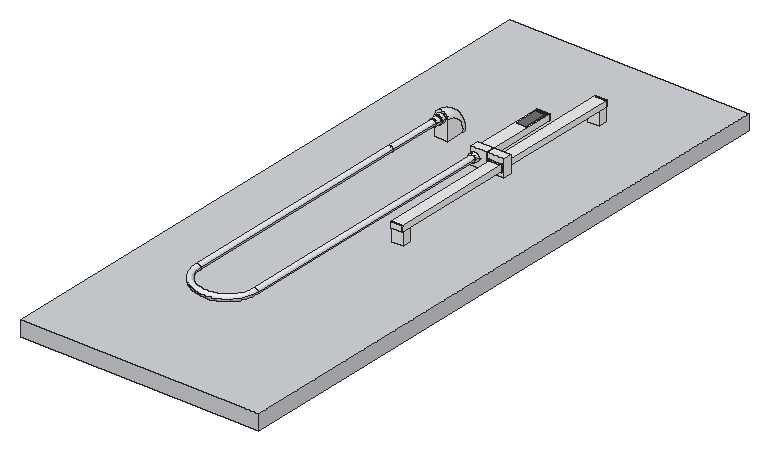
Revit family
Parameters (values of type "Polished Chrome")
  Waste Connection = no
  WFU = 0
  Version = 1
  Vent Connection = no
  URL = "http://www.deltafaucet.com"
  Tempered Water Connection Radius = Tempered Water Connection NPT / 2  # 1/4"
  Tempered Water Connection NPT = 1/2"
  Product URL = "http://www.deltafaucet.com/bath/details/57530.html"
  Overall Width = 0' - 9 3/4"  # constant formula
  Overall Height = 2' - 2 15/16"  # constant formula
  Overall Depth = 0' - 2 11/16"  # constant formula
  Model = "57530"
  Manufacturer = "DELTA"  # constant formula
  HWFU = 0
  HW Connection = yes
  Flow Pressure [instance] = 0.00 psi
  Flexible Hose Main Length [instance] = if(Distance from Center of Slide Bar to Connection < 1' 0", 2' 6 1/2" - (Distance from Center of Slide Bar to Connection / 2), 2' 6 1/2" - (Distance from Center of Slide Bar to Connection / 2))  # 2' - 4 1/2"
  Finish = Chrome - DELTA - Polished
  Distance from Center of Slide Bar to Connection [instance] = 0' - 4"
  Description = "Slide Bar Handshower"
  Default Elevation = 4' - 0"
  Collection = "Vero"  # constant formula
  CWFU = 0
  CW Connection = yes
  CADworks URL = "http://www.CADworks.net"
  Assembly Code = "D2010710"
Types (3): name | Product URL | Model | Finish
  (no name) | "http://www.deltafaucet.com/bath/details/57530.html" | "57530" | Chrome - DELTA - Polished
  Polished Chrome | "http://www.deltafaucet.com/bath/details/57530.html" | "57530" | Chrome - DELTA - Polished
  Brilliance Stainless | "http://www.deltafaucet.com/bath/details/57530-SS.html" | "57530-SS" | Steel - DELTA - Brilliance Stainless
Reference planes (in)
  plane 1 "Center (Front/Back)": y = 0
  plane 2: z = 0
  plane 3 "Center (Left/Right)": x = 0
  plane 4: y = 13.46875
  plane 5: y = -13.46875
  plane 6: z = 1.96875
  plane 7: x = 0.59375
  plane 8: z = 1.375
  plane 9: y = -13.375
  plane 10: y = 13.375
  plane 11: z = 2.6875
  plane 12: x = -0.59375
  plane 13: y = -13.29688
  plane 14: y = 13.29687
  plane 15: y = -12.45313
  plane 16: y = 12.45312
  plane 17: z = 0.90625
  plane 18: x = 0.89063
  plane 19: x = -0.89063
  plane 20: y = 0.4375
  plane 21: y = -0.4375
  plane 22: x = -2.57812
  plane 23: y = -0.46875
  plane 24: y = 0.46875
  plane 25: y = 0.625
  plane 26: y = -0.84375
  plane 27: z = 1.79688
  plane 28: x = -2.17187
  plane 29: y = 8.5
  plane 30: y = 8.40625
  plane 31: z = 2.125
  plane 32: x = -8.17187
  plane 33: y = 4
  plane 34: z = -0.25
  plane 35: y = 2.65625
  plane 36: x = -8.85937
  plane 37: z = 2
  plane 38: y = 1.5625
  plane 39: y = -29.34375
  plane 40: y = 2.5625
  plane 41: y = 2.21875
  plane 42: y = 2.125
Forms (in)
  Extrusion 1, solid
    sketch origin (0, 0, 0) x (1, 0, 0) y (0, 1, 0)
      loop
        line (-16.19777, 21.72079) -> (-16.19777, -42.64396) -> (8.84008, -42.64396) -> (8.84008, 21.72079) -> (-16.19777, 21.72079)
    from 0 to -1.6125
  Extrusion 2, solid, material "Chrome - DELTA - Polished" <- "Finish"
    sketch origin (0, 0, 0) x (0, 1, 0) y (0, 0, 1)
      loop
        line (-13.375, 1.375) -> (13.375, 1.375) -> (13.375, 1.96875) -> (-13.375, 1.96875) -> (-13.375, 1.375)
    from -0.59375 to 0.59375
  Extrusion 3, solid, material "Chrome - DELTA - Polished" <- "Finish"
    sketch origin (0, 0, 0) x (0, 1, 0) y (0, 0, 1)
      loop
        line (-13.46875, 1.375) -> (-13.375, 1.375) -> (-13.375, 1.96875) -> (-13.46875, 1.96875) -> (-13.46875, 1.375)
      loop
        line (13.375, 1.375) -> (13.46875, 1.375) -> (13.46875, 1.96875) -> (13.375, 1.96875) -> (13.375, 1.375)
    from -0.59375 to 0.59375
  Extrusion 4, solid, material "Chrome - DELTA - Polished" <- "Finish"
    sketch origin (0, 0, 0) x (1, 0, 0) y (0, 1, 0)
      loop
        line (0.59375, -13.29688) -> (0.59375, -12.45313) -> (-0.59375, -12.45313) -> (-0.59375, -13.29688) -> (0.59375, -13.29688)
      loop
        line (0.59375, 12.45312) -> (0.59375, 13.29687) -> (-0.59375, 13.29687) -> (-0.59375, 12.45312) -> (0.59375, 12.45312)
    from 0 to 1.375
  Extrusion 5, solid, material "Chrome - DELTA - Polished" <- "Finish"
    sketch origin (0, -19.46875, 2.6875) x (0, -1, 0) y (1, 0, 0)
      loop
        line (-19.03125, -0.89063) -> (-19.03125, 0.89063) -> (-19.90625, 0.89063) -> (-19.90625, -0.89063) -> (-19.03125, -0.89063)
    from -1.78125 to 0
  Extrusion 6, solid, material "Chrome - DELTA - Polished" <- "Finish"
    sketch origin (0, 0, 0) x (1, 0, 0) y (0, 0, 1)
      loop
        line (-0.89063, 0.90625) -> (-0.89063, 2.6875) -> (-2.57812, 2.6875) -> (-2.57812, 2.10938) -> (-2.52126, 2.10938)
        arc (-2.52126, 2.10938) -> (-1.70312, 1.79688) -> (-2.52126, 1.48438) r 0.46875
        line (-2.52126, 1.48438) -> (-2.57812, 1.48438) -> (-2.57812, 0.90625) -> (-0.89063, 0.90625)
    from -0.4375 to 0.4375
  Extrusion 7, solid, material "Chrome - DELTA - Polished" <- "Finish", detail levels fine
    sketch origin (16, -0.4375, 48) x (-1, 0, 0) y (0, 0, -1)
      loop
        line (16.59375, 46.625) -> (15.40625, 46.625) -> (15.40625, 46.03125) -> (16.59375, 46.03125) -> (16.59375, 46.625)
      loop
        line (15.29688, 45.92187) -> (16.70313, 45.92187) -> (16.70313, 46.73437) -> (15.29688, 46.73437) -> (15.29688, 45.92187)
    from 0 to 0.03125
  Extrusion 8, solid, material "Chrome - DELTA - Polished" <- "Finish", detail levels fine
    sketch origin (16, 0.4375, 48) x (-1, 0, 0) y (0, 0, 1)
      loop
        line (15.29688, -45.92188) -> (15.29688, -46.73437) -> (16.70313, -46.73437) -> (16.70313, -45.92188) -> (15.29688, -45.92188)
      loop
        line (15.40625, -46.625) -> (16.59375, -46.625) -> (16.59375, -46.03125) -> (15.40625, -46.03125) -> (15.40625, -46.625)
    from 0 to 0.03125
  Extrusion 9, solid, material "Chrome - DELTA - Polished" <- "Finish"
    sketch origin (16, 0.4375, 48) x (-1, 0, 0) y (0, 0, 1)
      loop
        circle (18.17187, -46.20312) r 0.46875
    from -1.28125 to 0.1875
  Revolve 10, void
    sketch origin (0, -19.46875, 1.79688) x (0, -1, 0) y (1, 0, 0)
      loop
        line (-19.90625, -2.64062) -> (-20.09375, -2.64062) -> (-20.09375, -2.79192) -> (-18.625, -2.79192) -> (-18.625, -2.57812) -> (-19.8125, -2.64062) -> (-19.8125, -2.57812) -> (-19.90625, -2.57812) -> (-19.90625, -2.64062)
      axis (-20.09375, -2.17187) -> (-18.625, -2.17187)
    angle from 0 to 360
  Extrusion 11, solid, material "Chrome - DELTA - Polished" <- "Finish"
    sketch origin (0, -19.46875, 1.79688) x (0, -1, 0) y (1, 0, 0)
      loop
        line (-20.09375, -1.48437) -> (-27.875, -1.48438) -> (-27.875, -2.85937) -> (-20.09375, -2.85937) -> (-20.09375, -1.48437)
    from -0.29687 to 0.29688
  Extrusion 12, solid, material "Chrome - DELTA - Polished" <- "Finish"
    sketch origin (16, 8.40625, 48) x (-1, 0, 0) y (0, 0, 1)
      loop
        line (17.48438, -45.90625) -> (17.48438, -46.5) -> (18.85937, -46.5) -> (18.85937, -45.90625) -> (17.48438, -45.90625)
    from 0 to 0.09375
  Extrusion 13, solid, material "Plastic - DELTA - Gray", detail levels medium+fine
    sketch origin (0, -19.46875, 1.375) x (0, -1, 0) y (1, 0, 0)
      loop
        line (-27.59375, -2.67187) -> (-25.15625, -2.67187) -> (-25.15625, -1.67187) -> (-27.59375, -1.67187) -> (-27.59375, -2.67187)
    from 0.71875 to 0.75
  Extrusion 14, solid, material "Chrome - DELTA - Polished" <- "Finish", detail levels fine
    sketch origin (0, 0, 0) x (1, 0, 0) y (0, 1, 0)
      loop
        circle (-8.17187, 4) r 0.25
    from -0.25 to 0
  Revolve 15, solid, material "Chrome - DELTA - Polished" <- "Finish"
    sketch origin (0, 0, 0) x (1, 0, 0) y (0, 1, 0)
      loop
        line (-8.85937, 2.65625) -> (-7.48437, 2.65625) -> (-7.48437, 4.65625)
        arc (-7.48437, 4.65625) -> (-8.17187, 5.34375) -> (-8.85937, 4.65625) r 0.6875
        line (-8.85937, 4.65625) -> (-8.85937, 2.65625)
      axis (-8.85937, 2.65625) -> (-7.48437, 2.65625)
    angle from 0 to -90
  Extrusion 16, solid, material "Chrome - DELTA - Polished" <- "Finish"
    sketch origin (16, 2.65625, 48) x (-1, 0, 0) y (0, 0, 1)
      loop
        circle (24.17187, -46) r 0.4375
    from 0 to -0.53125
  Extrusion 17, solid, material "Chrome - DELTA - Polished" <- "Finish"
    sketch origin (16, 2.65625, 48) x (-1, 0, 0) y (0, 0, 1)
      loop
        circle (24.17187, -46) r 0.35937
    from -1.09375 to -0.53125
  Extrusion 18, solid, material "Chrome - DELTA - Polished" <- "Finish"
    sketch origin (16, 2.65625, 48) x (-1, 0, 0) y (0, 0, 1)
      loop
        circle (24.17187, -46) r 0.46875
    from -0.09375 to -0.4375
  Sweep 19, solid, material "Chrome - DELTA - Polished" <- "Finish"
    path origin (-0.00468, -19.46875, 1.7235) x (0, -1, 0) y (0.999427, 0, -0.033835)
      loop
        line (-15.375, -8.17187) -> (9.875, -8.17187)
        arc (9.875, -8.17187) -> (12.87672, -5.17016) -> (9.875, -2.16844) r 3.00172
        line (9.875, -2.16844) -> (-18.625, -2.16844)
    profile origin (-8.17187, -16.71875, 2) x (0.999427, 0, -0.033835) y (0.033835, 0, 0.999427)
      loop
        circle (0, 0) r 0.28125
  Extrusion 20, solid, material "Chrome - DELTA - Polished" <- "Finish"
    sketch origin (16, 1.5625, 48) x (-1, 0, 0) y (0, 0, 1)
      loop
        circle (24.17187, -46) r 0.28125
    from 0 to -5.65625
Cuts and joins
  joined: Extrusion 2, Extrusion 5
  Revolve 10 cuts Extrusion 9
  joined: Extrusion 16, Extrusion 18
  joined: Sweep 19, Extrusion 20
Lines and regions (in)
  Masking region 1
    outline origin (16, 13.46875, 48) x (-1, 0, 0) y (0, 0, 1)
      loop
        line (18.57812, -45.3125) -> (15.10937, -45.3125) -> (15.10937, -47.09375) -> (15.40625, -47.09375) -> (15.40625, -48) -> (16.59375, -48) -> (16.59375, -47.09375) -> (18.57812, -47.09375) -> (18.57812, -46.5) -> (18.85937, -46.5) -> (18.85937, -45.90625) -> (18.57812, -45.90625) -> (18.57812, -45.3125)
      loop
        line (23.48437, -48) -> (24.85937, -48) -> (24.85937, -46)
        arc (24.85937, -46) -> (24.17187, -45.3125) -> (23.48437, -46) r 0.6875
        line (23.48437, -46) -> (23.48437, -48)
  symbolic lines
    curve 1: line (-0.59375, 13.46875, 0.90625) -> (-0.59375, 13.46875, 1.96875)
    curve 2: line (-0.59375, 13.46875, 1.96875) -> (0.59375, 13.46875, 1.96875)
    curve 3: line (0.59375, 13.46875, 1.96875) -> (0.59375, 13.46875, 0.90625)
    curve 4: line (0.59375, 13.46875, 1.375) -> (-0.59375, 13.46875, 1.375)
    curve 5: line (-0.89063, 13.46875, 0.90625) -> (-0.89063, 13.46875, 2.6875)
    curve 11: line (-1.48438, 13.46875, 2.09375) -> (-1.48438, 13.46875, 1.5)
    curve 12: line (-1.48438, 13.46875, 1.5) -> (-2.57812, 13.46875, 1.5)
    curve 13: line (-2.57812, 13.46875, 2.09375) -> (-1.48438, 13.46875, 2.09375)
  symbolic lines, detail levels fine
    curve 6: line (0.70312, 13.46875, 2.07812) -> (0.70312, 13.46875, 1.26562)
    curve 7: line (-0.70313, 13.46875, 2.07812) -> (0.70312, 13.46875, 2.07812)
    curve 8: line (-0.70313, 13.46875, 1.26562) -> (-0.70313, 13.46875, 2.07812)
    curve 9: line (0.70312, 13.46875, 1.26562) -> (0.59375, 13.46875, 1.26562)
    curve 10: line (-0.59375, 13.46875, 1.26562) -> (-0.70313, 13.46875, 1.26562)
    curve 14: arc (-2.53463, 13.46875, 2.09375) -> (-2.17187, 13.46875, 2.26563) -> (-1.80912, 13.46875, 2.09375) r 0.46875
    curve 15: arc (-1.80912, 13.46875, 1.5) -> (-2.17187, 13.46875, 1.32813) -> (-2.53463, 13.46875, 1.5) r 0.46875
Dimensions and locks (in)
  equal spacing: plane 4, plane 1 "Center (Front/Back)", plane 5
  "Overall Height": plane 4 to plane 5
  locked: plane 6 to plane 8 at 0.59375
  locked: plane 5 to plane 9 at 0.09375
  locked: plane 10 to plane 4 at 0.09375
  "Overall Depth": plane 11 to plane 2
  equal spacing: plane 12, plane 3 "Center (Left/Right)", plane 7
  locked: plane 12 to plane 7 at 1.1875
  locked: plane 8 to plane 2 at 1.375
  locked: plane 13 to plane 15 at 0.84375
  locked: plane 16 to plane 14 at 0.84375
  locked: plane 11 to plane 17 at 1.78125
  equal spacing: plane 19, plane 3 "Center (Left/Right)", plane 18
  locked: plane 19 to plane 18 at 1.78125
  equal spacing: plane 21, plane 1 "Center (Front/Back)", plane 20
  locked: plane 21 to plane 20 at 0.875
  locked: plane 22 to plane 19 at 1.6875
  Extrusion 6 sketch curve to Extrusion 6 sketch curve to plane 2 = 0' - 0 5/8" locked, 0' - 1 31/64" locked
  locked: plane 22 to Extrusion 6 sketch curve at 0.40625
  locked: Extrusion 6 sketch curve to plane 2 at 1.79688
  Extrusion 7 sketch curve to Extrusion 7 sketch curve to plane 2 = 0' - 0 13/16" locked, 0' - 1 17/64" locked
  Extrusion 7 sketch curve to plane 3 "Center (Left/Right)" to Extrusion 7 sketch curve = 0' - 0 45/64" locked, 0' - 0 45/64" locked
  locked: plane 23 to plane 21 at 0.03125
  locked: plane 24 to plane 20 at 0.03125
  locked: plane 25 to plane 20 at 0.1875
  locked: plane 25 to plane 26 at 1.46875
  locked: plane 27 to plane 2 at 1.79688
  locked: plane 22 to plane 28 at 0.40625
  locked: plane 27 to Extrusion 9 sketch curve
  locked: plane 28 to Extrusion 9 sketch curve at 0
  locked: Revolve 10 sketch curve to Revolve 10 sketch curve at 0.09375
  locked: Revolve 10 sketch curve to plane 28 at 0.62005
  locked: Revolve 10 sketch curve to plane 28 at 0.46875
  locked: plane 29 to plane 25 at 7.875
  Extrusion 11 sketch curve to plane 28 to Extrusion 11 sketch curve = 0' - 0 11/16" locked, 0' - 0 11/16" locked
  equal spacing: Extrusion 11, plane 27, Extrusion 11
  locked: Extrusion 11 to Extrusion 11 at 0.59375
  locked: plane 29 to plane 30 at 0.09375
  equal spacing: Extrusion 13 sketch curve, plane 28, Extrusion 13 sketch curve
  locked: Extrusion 13 sketch curve to Extrusion 13 sketch curve at 1
  plane 29 to Extrusion 13 sketch curve to Extrusion 13 sketch curve = 0' - 0 3/8" locked, 0' - 2 7/16" locked
  locked: plane 31 to plane 27 at 0.32813
  locked: plane 33 to Extrusion 14 sketch curve at 0
  locked: plane 32 to Extrusion 14 sketch curve at 0
  locked: plane 2 to plane 34 at 0.25
  locked: plane 32 to Revolve 15 sketch curve at 0.6875
  locked: plane 33 to Revolve 15 sketch curve at 1.34375
  locked: Revolve 15 sketch curve to plane 33 at 0.65625
  locked: plane 32 to Revolve 15 sketch curve at 0
  locked: plane 33 to plane 35 at 1.34375
  locked: plane 32 to plane 28 at 6
  locked: plane 37 to plane 2 at 2
  locked: plane 37 to Extrusion 16 sketch curve at 0
  locked: plane 32 to Extrusion 16 sketch curve at 0
  locked: plane 35 to plane 38 at 1.09375
  locked: plane 32 to Extrusion 17 sketch curve at 0
  locked: plane 37 to Extrusion 17 sketch curve at 0
  locked: plane 37 to Extrusion 18 sketch curve at 0
  locked: plane 32 to Extrusion 18 sketch curve at 0
  "Flexible Hose Main Length": plane 26 to plane 39
  "Distance from Center of Slide Bar to Connection": plane 1 "Center (Front/Back)" to plane 33
  locked: Sweep 19 sketch curve to plane 1 "Center (Front/Back)" at 4.09375
  locked: plane 37 to Extrusion 20 sketch curve at 0
  locked: plane 32 to Extrusion 20 sketch curve at 0
  locked: plane 36 to plane 32 at 0.6875
  equal spacing: plane 15, plane 1 "Center (Front/Back)", plane 16
  locked: plane 15 to plane 16 at 24.90625
  locked: plane 27 to curve 14
  locked: plane 28 to curve 14 at 0
  locked: plane 27 to curve 15
  locked: plane 28 to curve 15 at 0
  locked: curve 13 to curve 14
  locked: Extrusion 12 to curve 14
  locked: Extrusion 12 to curve 15 at 0
  locked: curve 12 to curve 15
  Extrusion 8 sketch curve to plane 3 "Center (Left/Right)" to Extrusion 8 sketch curve = 0' - 0 45/64" locked, 0' - 0 45/64" locked
  Extrusion 8 sketch curve to Extrusion 8 sketch curve to plane 2 = 0' - 0 13/16" locked, 0' - 1 17/64" locked
  locked: plane 20 to Revolve 10 sketch curve at 0.09375
  plane 40 to plane 41 to plane 42 to plane 38 = 0' - 0 11/32" locked, 0' - 0 3/32" locked, 0' - 0 9/16" locked
  radius of Extrusion 6 sketch curve = 0' - 0 15/32"
  radius of Extrusion 9 sketch curve = 0' - 0 15/32"
  "Tempered Water Connection Radius": radius of Extrusion 14 sketch curve
  radius of Extrusion 16 sketch curve = 0' - 0 7/16"
  radius of Extrusion 17 sketch curve = 0' - 0 23/64"
  radius of Extrusion 18 sketch curve = 0' - 0 15/32"
  radius of Sweep 19 sketch curve = 0' - 0 9/32"
  radius of Extrusion 20 sketch curve = 0' - 0 9/32"
  radius of curve 14 = 0' - 0 15/32"
  radius of curve 15 = 0' - 0 15/32"
  locked: Revolve 15 to Revolve 15 (angle 90.00°)
  aligned and locked: plane 2 to Extrusion 1
  aligned and locked: level to Extrusion 1
  aligned and locked: Extrusion 2 sketch curve to plane 8
  aligned and locked: plane 9 to Extrusion 2 sketch curve
  aligned and locked: plane 6 to Extrusion 2 sketch curve
  aligned and locked: plane 10 to Extrusion 2 sketch curve
  aligned: Extrusion 2 to plane 3 "Center (Left/Right)"
  aligned and locked: Extrusion 2 to plane 7
  aligned and locked: plane 4 to Extrusion 3 sketch curve
  aligned and locked: plane 6 to Extrusion 3 sketch curve  (x2)
  aligned and locked: Extrusion 3 sketch curve to plane 8  (x2)
  aligned and locked: Extrusion 3 sketch curve to plane 10
  aligned and locked: Extrusion 3 sketch curve to plane 9
  aligned and locked: plane 5 to Extrusion 3 sketch curve
  aligned: Extrusion 3 to plane 3 "Center (Left/Right)"
  aligned and locked: Extrusion 3 to plane 7
  aligned and locked: plane 12 to Extrusion 2
  aligned and locked: plane 12 to Extrusion 3
  aligned and locked: plane 7 to Extrusion 4 sketch curve  (x2)
  aligned and locked: Extrusion 4 sketch curve to plane 14
  aligned and locked: plane 16 to Extrusion 4 sketch curve
  aligned and locked: Extrusion 4 sketch curve to plane 12  (x2)
  aligned and locked: plane 15 to Extrusion 4 sketch curve
  aligned and locked: Extrusion 4 sketch curve to plane 13
  aligned: plane 6 to Extrusion 4
  aligned and locked: Extrusion 4 to plane 2
  aligned and locked: plane 8 to Extrusion 4
  aligned and locked: Extrusion 5 sketch curve to plane 18
  aligned and locked: plane 20 to Extrusion 5 sketch curve
  aligned and locked: plane 21 to Extrusion 5 sketch curve
  aligned and locked: Extrusion 5 sketch curve to plane 19
  aligned and locked: plane 11 to Extrusion 5
  aligned and locked: Extrusion 5 to plane 17
  aligned and locked: Extrusion 6 sketch curve to plane 11
  aligned and locked: Extrusion 6 sketch curve to plane 19
  aligned and locked: plane 17 to Extrusion 6 sketch curve
  aligned and locked: plane 22 to Extrusion 6 sketch curve
  aligned and locked: Extrusion 6 sketch curve to plane 22
  aligned and locked: plane 20 to Extrusion 6
  aligned and locked: plane 21 to Extrusion 6
  aligned and locked: Extrusion 7 sketch curve to plane 7
  aligned and locked: Extrusion 7 sketch curve to plane 8
  aligned and locked: plane 12 to Extrusion 7 sketch curve
  aligned and locked: plane 6 to Extrusion 7 sketch curve
  aligned and locked: plane 23 to Extrusion 7
  aligned and locked: Extrusion 7 to plane 21
  aligned and locked: Extrusion 8 sketch curve to Extrusion 3  (x4)
  aligned and locked: plane 24 to Extrusion 8
  aligned and locked: Extrusion 8 to plane 20
  aligned and locked: plane 25 to Extrusion 9
  aligned and locked: Extrusion 9 to plane 26
  aligned and locked: plane 26 to Revolve 10 sketch curve
  aligned and locked: Revolve 10 sketch curve to plane 25
  aligned and locked: plane 22 to Revolve 10 sketch curve
  aligned and locked: plane 28 to Revolve 10 sketch curve
  aligned and locked: plane 27 to Revolve 10 sketch curve
  aligned and locked: Extrusion 11 sketch curve to plane 25
  aligned and locked: Extrusion 11 sketch curve to plane 30
  aligned and locked: Extrusion 12 sketch curve to Extrusion 11  (x4)
  aligned and locked: plane 29 to Extrusion 12
  aligned and locked: Extrusion 12 to plane 30
  aligned and locked: Extrusion 13 to Extrusion 11
  aligned and locked: plane 31 to Extrusion 13
  aligned and locked: plane 2 to Extrusion 14
  aligned and locked: Extrusion 14 to plane 34
  aligned and locked: Revolve 15 sketch curve to plane 35
  aligned and locked: plane 35 to Extrusion 16
  aligned and locked: Extrusion 17 to plane 38
  aligned and locked: Extrusion 17 to Extrusion 16
  aligned and locked: plane 39 to Sweep 19 sketch curve  (x2)
  aligned and locked: Sweep 19 sketch curve to plane 28
  aligned and locked: plane 32 to Sweep 19 sketch curve
  aligned and locked: plane 37 to Sweep 19 sketch curve
  aligned and locked: plane 38 to Extrusion 20
  aligned and locked: Extrusion 20 to Sweep 19
  aligned and locked: plane 36 to Revolve 15 sketch curve
  aligned and locked: Masking region 1 sketch curve to Revolve 15  (x2)
  aligned and locked: plane 2 to Masking region 1 sketch curve  (x2)
  aligned and locked: plane 17 to Masking region 1 sketch curve  (x2)
  aligned and locked: Masking region 1 sketch curve to plane 12
  aligned and locked: plane 7 to Masking region 1 sketch curve
  aligned and locked: Masking region 1 sketch curve to plane 18
  aligned and locked: plane 11 to Masking region 1 sketch curve
  aligned and locked: Masking region 1 sketch curve to plane 22
  aligned and locked: plane 22 to Masking region 1 sketch curve
  aligned and locked: Masking region 1 sketch curve to Extrusion 12  (x2)
  aligned and locked: Extrusion 12 to Masking region 1 sketch curve
  aligned and locked: curve 3 to plane 7
  aligned and locked: plane 6 to curve 2
  aligned and locked: curve 4 to plane 8
  aligned and locked: plane 12 to curve 4
  aligned and locked: plane 7 to curve 4
  aligned and locked: plane 17 to curve 3
  aligned and locked: plane 17 to curve 1
  aligned and locked: curve 5 to plane 19
  aligned and locked: plane 17 to curve 5
  aligned and locked: plane 11 to curve 5
  aligned and locked: curve 6 to Extrusion 8
  aligned and locked: curve 7 to Extrusion 8
  aligned and locked: Extrusion 8 to curve 8
  aligned and locked: curve 9 to Extrusion 8
  aligned and locked: Extrusion 8 to curve 10
  aligned and locked: plane 12 to curve 10
  aligned and locked: curve 11 to Extrusion 12
  aligned and locked: curve 12 to Extrusion 12
  aligned and locked: Extrusion 12 to curve 13
  aligned and locked: plane 22 to curve 12
  aligned and locked: plane 22 to curve 13
  aligned and locked: Revolve 10 sketch curve to plane 20
  aligned and locked: Extrusion 17 to cut or joined group of Extrusion 16, Extrusion 18
  aligned and locked: cut or joined group of Extrusion 16, Extrusion 18 to plane 42
  aligned and locked: cut or joined group of Extrusion 16, Extrusion 18 to plane 41
  aligned and locked: plane 40 to cut or joined group of Extrusion 16, Extrusion 18
Automatic sketch dimensions
  Revolve 10 sketch curve to plane 20 = 0' - 0"
  Revolve 10 sketch curve to plane 22 = 0' - 0"
  Revolve 10 sketch curve to plane 26 = 0' - 0.38548"
  Revolve 10 sketch curve to Revolve 10 sketch curve = 0' - 0 1/4"
  plane 22 to Revolve 10 sketch curve = 0' - 0 1/16"
  Sweep 19 sketch curve to plane 26 = 0' - 0"
  Sweep 19 sketch curve to plane 26 = 0' - 3 1/4"
  Sweep 19 sketch curve to Sweep 19 sketch curve = 0' - 3.00172"
  Extrusion 1 sketch curve to Extrusion 1 sketch curve = 2' - 1.03785"
  Extrusion 1 sketch curve to Extrusion 1 sketch curve = 5' - 4.36475"
  Revolve 15 sketch curve to Revolve 15 sketch curve = 0' - 0"
  Revolve 15 sketch curve to Revolve 15 sketch curve = 0' - 0 1/2"
  profile plane to Sweep 19 sketch curve = 0' - 0"
  Sweep 19 sketch curve to profile plane = 0' - 0"
  curve 7 to plane 31 = 0' - 0 3/64"
  curve 7 to plane 7 = 0' - 0 7/64"
  plane 12 to curve 8 = 0' - 0 7/64"
  curve 11 to plane 31 = 0' - 0 1/32"
  curve 11 to curve 14 = 0' - 0.32474"
  curve 15 to plane 22 = 0' - 0.04349"
  curve 10 to plane 8 = 0' - 0 7/64"
  curve 6 to plane 8 = 0' - 0 7/64"
Connectors (in)
  piping at (-8.17187, 4, 0), driven by "Tempered Water Connection Radius", driven by "Flow Pressure", driven by "HWFU"
    settings: on Extrusion 14, index 1
